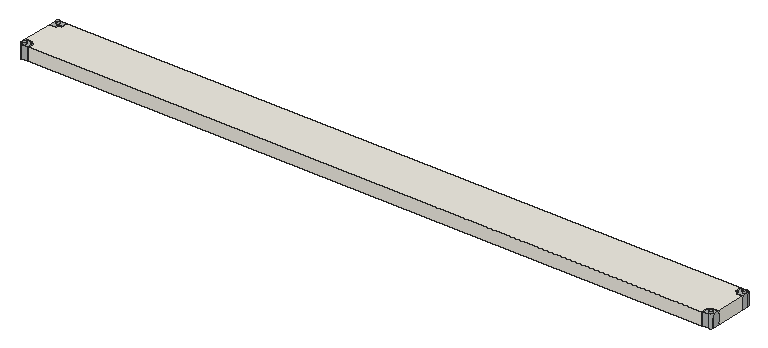
Revit family "HIGHTECH", category Осветительные приборы, Revit 2019 (continued)
Types (32, lengths in mm): name | Файл фотометрической сетки | built-in parameter 1150105 | Lumens | built-in parameter 1150106 | built-in parameter 1150142 | Wattage | Emit from Rectangle Width | Emit from Rectangle Length | Длина | Ширина | ADSK_Ток | ADSK_Полная мощность | ADSK_Обозначение | ADSK_Номинальная мощность | ADSK_Наименование | ADSK_Масса | ADSK_Код изделия
  Hightech-30/opal-sand 295х595 (IP40, 4000К, белый) c БАП на 1 час | "Светильник HIGHTECH-30 OPAL-SAND-(295x595).IES" | 198.94 (stored number, unit not read) | 2500 lm | 1.9894 (stored number, unit not read) | "IESNA:LM-63-95\r\n[TEST] Протокол №80\r\n[DATA]26.06.2016\r\n[MORE] \r\n[MANUFAC] ЗАО \"Центрстройсвет\"\r\n[LUMCAT]  Светильник HIGHTECH-30/OPAL-SAND-(295x595)\r\n[LUMINAIRE]\r\n[LAMPCAT] Светодиоды\r\n[LAMP] Поток источника света (светодиодов) не известен\r\n[MORE] КСС приведена в абсолютных величинах кд\r\n[MORE] Вместо потока лампы, указан поток светильника.\r\nTILT=NONE\r\n1    2420 1.0 37 73 1 2 0.295 0.595 0.04\r\n1.0 1.0 28.9\r\n0.0 5.0 10.0 15.0 20.0 25.0 30.0 35.0 40.0 45.0 50.0 55.0 60.0 65.0 70.0 75.0 80.0 85.0 90.0 95.0 100.0 105.0 110.0 115.0 120.0 125.0 130.0 135.0 140.0 145.0 150.0 155.0 160.0 165.0 170.0 175.0 180.0\r\n0.0 5.0 10.0 15.0 20.0 25.0 30.0 35.0 40.0 45.0 50.0 55.0 60.0 65.0 70.0 75.0 80.0 85.0 90.0 95.0 100.0 105.0 110.0 115.0 120.0 125.0 130.0 135.0 140.0 145.0 150.0 155.0 160.0 165.0 170.0 175.0 180.0 185.0 190.0 195.0 200.0 205.0 210.0 215.0 220.0 225.0 230.0 235.0 240.0 245.0 250.0 255.0 260.0 265.0 270.0 275.0 280.0 285.0 290.0 295.0 300.0 305.0 310.0 315.0 320.0 325.0 330.0 335.0 340.0 345.0 350.0 355.0 360.0\r\n911.1 908.3 889.4 861.2 824.6 779.8 729.1 674.3 613.8 546.0 479.1 412.2 342.1 274.7 206.6 142.5 83.1 30.5 0.2 0.0 0.0 0.0 0.0 0.0 0.0 0.0 0.0 0.0 0.0 0.0 0.0 0.0 0.0 0.0 0.0 0.0 0.0\r\n911.1 908.3 890.4 862.2 826.0 781.2 730.0 673.5 610.8 545.9 478.1 412.0 343.0 274.6 207.5 142.8 83.4 31.1 0.3 0.0 0.0 0.0 0.0 0.0 0.0 0.0 0.0 0.0 0.0 0.0 0.0 0.0 0.0 0.0 0.0 0.0 0.0\r\n911.1 908.5 890.5 862.8 826.3 781.1 729.7 670.6 612.5 548.7 480.3 412.7 344.4 275.2 207.5 143.5 83.8 31.5 0.3 0.0 0.0 0.0 0.0 0.0 0.0 0.0 0.0 0.0 0.0 0.0 0.0 0.0 0.0 0.0 0.0 0.0 0.0\r\n911.1 909.2 889.7 860.5 825.1 782.3 731.0 672.5 613.1 547.3 478.2 411.8 342.9 275.2 208.3 143.7 83.9 31.8 0.3 0.0 0.0 0.0 0.0 0.0 0.0 0.0 0.0 0.0 0.0 0.0 0.0 0.0 0.0 0.0 0.0 0.0 0.0\r\n911.1 909.0 891.0 861.5 825.6 782.4 732.7 675.9 611.0 545.2 481.9 413.1 344.4 276.1 208.3 144.0 84.6 32.0 0.3 0.0 0.0 0.0 0.0 0.0 0.0 0.0 0.0 0.0 0.0 0.0 0.0 0.0 0.0 0.0 0.0 0.0 0.0\r\n911.1 908.9 890.1 863.3 826.9 783.2 729.2 673.9 611.8 547.8 480.9 414.1 343.8 275.8 208.6 144.4 85.0 32.4 0.3 0.0 0.0 0.0 0.0 0.0 0.0 0.0 0.0 0.0 0.0 0.0 0.0 0.0 0.0 0.0 0.0 0.0 0.0\r\n911.1 908.9 890.0 862.2 828.3 782.8 731.1 675.1 614.3 547.6 481.3 413.0 345.8 276.7 208.8 145.0 85.3 32.6 0.4 0.0 0.0 0.0 0.0 0.0 0.0 0.0 0.0 0.0 0.0 0.0 0.0 0.0 0.0 0.0 0.0 0.0 0.0\r\n911.1 908.5 891.5 865.2 825.7 780.8 732.5 674.6 615.0 551.3 482.1 414.1 345.1 277.4 208.6 145.5 85.5 33.2 0.5 0.0 0.0 0.0 0.0 0.0 0.0 0.0 0.0 0.0 0.0 0.0 0.0 0.0 0.0 0.0 0.0 0.0 0.0\r\n911.1 908.2 891.4 865.6 827.3 781.0 734.3 676.9 614.9 549.4 482.0 413.8 346.2 277.0 209.5 145.9 86.0 33.8 0.4 0.0 0.0 0.0 0.0 0.0 0.0 0.0 0.0 0.0 0.0 0.0 0.0 0.0 0.0 0.0 0.0 0.0 0.0\r\n911.1 908.7 891.0 864.3 829.6 784.0 732.9 673.2 614.9 550.2 484.5 414.8 346.4 277.8 210.5 146.4 87.2 33.9 0.6 0.0 0.0 0.0 0.0 0.0 0.0 0.0 0.0 0.0 0.0 0.0 0.0 0.0 0.0 0.0 0.0 0.0 0.0\r\n911.1 909.3 890.7 863.4 828.2 782.7 733.6 675.6 617.1 551.3 485.9 416.5 347.0 279.5 211.3 147.1 87.6 34.5 0.8 0.0 0.0 0.0 0.0 0.0 0.0 0.0 0.0 0.0 0.0 0.0 0.0 0.0 0.0 0.0 0.0 0.0 0.0\r\n911.1 908.7 892.5 864.0 829.2 784.2 733.3 676.9 615.6 551.9 484.7 416.9 348.3 279.6 211.6 148.3 88.1 35.0 0.9 0.0 0.0 0.0 0.0 0.0 0.0 0.0 0.0 0.0 0.0 0.0 0.0 0.0 0.0 0.0 0.0 0.0 0.0\r\n911.1 907.6 892.1 865.2 827.4 784.6 731.8 676.8 617.7 552.8 485.1 418.8 350.7 281.3 212.5 148.4 89.0 35.7 1.0 0.0 0.0 0.0 0.0 0.0 0.0 0.0 0.0 0.0 0.0 0.0 0.0 0.0 0.0 0.0 0.0 0.0 0.0\r\n911.1 907.1 892.1 864.5 830.2 788.3 733.6 677.4 617.3 552.0 487.9 420.8 349.8 281.3 213.4 149.2 89.9 36.2 1.3 0.0 0.0 0.0 0.0 0.0 0.0 0.0 0.0 0.0 0.0 0.0 0.0 0.0 0.0 0.0 0.0 0.0 0.0\r\n911.1 907.7 891.9 865.7 828.5 785.6 735.2 678.9 620.0 555.8 488.8 421.1 351.5 282.7 215.2 149.7 90.8 36.9 1.5 0.0 0.0 0.0 0.0 0.0 0.0 0.0 0.0 0.0 0.0 0.0 0.0 0.0 0.0 0.0 0.0 0.0 0.0\r\n911.1 907.8 891.0 864.8 830.1 786.1 738.7 679.4 616.5 556.6 490.6 420.2 352.4 284.5 215.4 151.3 91.1 37.6 1.5 0.0 0.0 0.0 0.0 0.0 0.0 0.0 0.0 0.0 0.0 0.0 0.0 0.0 0.0 0.0 0.0 0.0 0.0\r\n911.1 907.6 892.2 865.5 829.8 785.3 740.8 681.1 621.3 555.2 488.2 422.8 352.5 285.0 216.2 151.5 92.2 38.3 1.9 0.0 0.0 0.0 0.0 0.0 0.0 0.0 0.0 0.0 0.0 0.0 0.0 0.0 0.0 0.0 0.0 0.0 0.0\r\n911.1 907.4 892.1 866.1 829.8 787.6 737.3 681.4 621.4 556.0 491.1 422.7 354.9 284.7 217.1 152.4 93.0 39.4 2.0 0.0 0.0 0.0 0.0 0.0 0.0 0.0 0.0 0.0 0.0 0.0 0.0 0.0 0.0 0.0 0.0 0.0 0.0\r\n911.1 907.1 892.7 864.9 831.7 788.2 738.4 680.3 623.5 555.8 491.4 423.2 354.0 286.0 218.2 152.8 93.7 40.1 1.9 0.0 0.0 0.0 0.0 0.0 0.0 0.0 0.0 0.0 0.0 0.0 0.0 0.0 0.0 0.0 0.0 0.0 0.0\r\n911.1 907.4 892.3 867.6 830.6 789.2 737.9 683.1 622.5 558.1 492.5 424.4 355.9 287.7 219.1 154.3 94.7 40.4 2.5 0.0 0.0 0.0 0.0 0.0 0.0 0.0 0.0 0.0 0.0 0.0 0.0 0.0 0.0 0.0 0.0 0.0 0.0\r\n911.1 907.5 892.4 866.9 832.1 790.0 736.6 683.9 623.3 559.4 493.1 425.9 357.0 288.4 220.1 155.2 95.3 41.1 2.6 0.0 0.0 0.0 0.0 0.0 0.0 0.0 0.0 0.0 0.0 0.0 0.0 0.0 0.0 0.0 0.0 0.0 0.0\r\n911.1 906.9 893.0 866.2 832.9 789.5 740.6 686.4 622.6 558.9 494.6 425.2 357.7 289.6 220.8 156.1 95.8 41.9 2.6 0.0 0.0 0.0 0.0 0.0 0.0 0.0 0.0 0.0 0.0 0.0 0.0 0.0 0.0 0.0 0.0 0.0 0.0\r\n911.1 906.5 892.0 867.1 832.6 789.9 741.4 686.3 627.3 561.0 497.2 429.6 357.8 290.1 222.7 156.4 96.7 42.4 3.1 0.0 0.0 0.0 0.0 0.0 0.0 0.0 0.0 0.0 0.0 0.0 0.0 0.0 0.0 0.0 0.0 0.0 0.0\r\n911.1 906.8 892.3 868.3 834.8 789.8 739.1 686.9 625.0 562.3 496.2 428.6 359.5 290.7 222.5 158.0 97.5 42.6 3.4 0.0 0.0 0.0 0.0 0.0 0.0 0.0 0.0 0.0 0.0 0.0 0.0 0.0 0.0 0.0 0.0 0.0 0.0\r\n911.1 907.7 893.1 868.2 834.1 793.7 743.1 687.9 626.4 562.8 495.5 430.8 360.5 292.6 223.4 158.6 97.7 43.5 3.3 0.0 0.0 0.0 0.0 0.0 0.0 0.0 0.0 0.0 0.0 0.0 0.0 0.0 0.0 0.0 0.0 0.0 0.0\r\n911.1 908.2 893.8 868.2 835.6 793.6 743.3 688.3 626.0 564.5 498.1 431.2 361.0 293.4 224.3 158.9 98.6 44.0 3.5 0.0 0.0 0.0 0.0 0.0 0.0 0.0 0.0 0.0 0.0 0.0 0.0 0.0 0.0 0.0 0.0 0.0 0.0\r\n911.1 906.7 894.2 868.9 835.7 792.8 743.7 688.3 628.3 564.5 497.7 430.5 361.2 293.3 224.8 160.4 99.3 44.4 3.7 0.0 0.0 0.0 0.0 0.0 0.0 0.0 0.0 0.0 0.0 0.0 0.0 0.0 0.0 0.0 0.0 0.0 0.0\r\n911.1 906.5 894.7 867.9 834.7 795.0 744.2 689.6 630.1 566.4 499.6 431.8 363.0 294.1 225.6 160.8 100.0 45.1 3.6 0.0 0.0 0.0 0.0 0.0 0.0 0.0 0.0 0.0 0.0 0.0 0.0 0.0 0.0 0.0 0.0 0.0 0.0\r\n911.1 906.5 895.1 869.9 835.9 794.8 744.6 690.7 627.4 566.4 500.2 432.4 364.0 294.7 227.0 161.2 100.6 45.6 3.8 0.0 0.0 0.0 0.0 0.0 0.0 0.0 0.0 0.0 0.0 0.0 0.0 0.0 0.0 0.0 0.0 0.0 0.0\r\n911.1 906.1 895.4 869.1 835.9 794.7 746.0 689.6 630.7 566.6 499.6 432.7 363.1 295.7 227.9 161.9 100.9 46.3 4.0 0.0 0.0 0.0 0.0 0.0 0.0 0.0 0.0 0.0 0.0 0.0 0.0 0.0 0.0 0.0 0.0 0.0 0.0\r\n911.1 906.1 894.6 870.7 836.3 795.3 746.6 689.6 632.6 567.7 500.1 432.1 364.4 296.0 227.8 162.7 101.4 46.4 4.5 0.0 0.0 0.0 0.0 0.0 0.0 0.0 0.0 0.0 0.0 0.0 0.0 0.0 0.0 0.0 0.0 0.0 0.0\r\n911.1 906.3 895.6 868.8 835.5 793.2 745.3 690.7 630.8 568.5 500.6 433.3 364.7 295.8 227.5 162.6 101.3 46.8 4.6 0.0 0.0 0.0 0.0 0.0 0.0 0.0 0.0 0.0 0.0 0.0 0.0 0.0 0.0 0.0 0.0 0.0 0.0\r\n911.1 907.0 895.4 871.8 837.5 794.5 744.5 690.6 631.8 568.8 502.5 436.2 365.6 296.2 228.3 163.9 101.9 47.1 4.6 0.0 0.0 0.0 0.0 0.0 0.0 0.0 0.0 0.0 0.0 0.0 0.0 0.0 0.0 0.0 0.0 0.0 0.0\r\n911.1 907.6 895.4 871.8 839.2 796.0 747.1 690.6 629.6 567.5 501.4 434.5 365.7 297.2 228.8 163.4 102.4 47.5 4.6 0.0 0.0 0.0 0.0 0.0 0.0 0.0 0.0 0.0 0.0 0.0 0.0 0.0 0.0 0.0 0.0 0.0 0.0\r\n911.1 906.1 895.5 871.6 838.7 794.9 748.2 694.5 632.4 570.3 502.5 434.5 365.5 297.1 229.4 164.0 102.4 47.5 4.7 0.0 0.0 0.0 0.0 0.0 0.0 0.0 0.0 0.0 0.0 0.0 0.0 0.0 0.0 0.0 0.0 0.0 0.0\r\n911.1 904.8 895.9 869.8 836.7 797.2 747.1 691.9 633.4 569.5 503.4 435.1 366.2 298.1 229.3 163.6 102.3 47.2 4.3 0.0 0.0 0.0 0.0 0.0 0.0 0.0 0.0 0.0 0.0 0.0 0.0 0.0 0.0 0.0 0.0 0.0 0.0\r\n911.1 905.3 894.0 871.2 840.2 796.2 748.3 691.8 631.5 572.4 503.6 433.5 366.8 297.9 229.2 163.3 101.8 46.8 3.8 0.0 0.0 0.0 0.0 0.0 0.0 0.0 0.0 0.0 0.0 0.0 0.0 0.0 0.0 0.0 0.0 0.0 0.0\r\n911.1 906.0 894.9 870.9 837.1 795.0 745.7 693.0 630.8 569.0 503.7 436.4 366.4 297.7 229.8 163.4 101.8 46.5 3.4 0.0 0.0 0.0 0.0 0.0 0.0 0.0 0.0 0.0 0.0 0.0 0.0 0.0 0.0 0.0 0.0 0.0 0.0\r\n911.1 905.6 893.6 871.4 839.9 797.6 749.1 691.5 633.0 570.8 502.5 434.8 366.1 296.6 228.5 162.8 101.0 46.0 2.9 0.0 0.0 0.0 0.0 0.0 0.0 0.0 0.0 0.0 0.0 0.0 0.0 0.0 0.0 0.0 0.0 0.0 0.0\r\n911.1 905.5 894.6 871.9 838.0 794.6 747.0 692.0 634.0 569.3 502.9 435.5 366.8 296.4 228.8 163.2 101.1 46.1 2.8 0.0 0.0 0.0 0.0 0.0 0.0 0.0 0.0 0.0 0.0 0.0 0.0 0.0 0.0 0.0 0.0 0.0 0.0\r\n911.1 906.2 893.1 871.0 837.2 796.8 749.0 694.0 633.1 569.5 503.5 436.7 366.4 297.6 228.4 162.6 101.3 45.7 2.8 0.0 0.0 0.0 0.0 0.0 0.0 0.0 0.0 0.0 0.0 0.0 0.0 0.0 0.0 0.0 0.0 0.0 0.0\r\n911.1 905.4 893.6 869.9 837.0 796.8 747.6 692.4 634.5 568.4 503.4 433.2 365.8 296.2 227.1 162.3 100.7 45.6 2.7 0.0 0.0 0.0 0.0 0.0 0.0 0.0 0.0 0.0 0.0 0.0 0.0 0.0 0.0 0.0 0.0 0.0 0.0\r\n911.1 905.2 893.1 870.9 837.6 799.4 749.7 694.6 632.4 569.7 501.2 433.7 366.5 296.3 227.6 162.0 100.7 45.2 2.6 0.0 0.0 0.0 0.0 0.0 0.0 0.0 0.0 0.0 0.0 0.0 0.0 0.0 0.0 0.0 0.0 0.0 0.0\r\n911.1 905.6 892.8 867.9 836.3 795.3 747.6 693.8 632.3 568.8 503.5 433.9 364.4 295.4 227.4 162.1 100.2 45.0 2.6 0.0 0.0 0.0 0.0 0.0 0.0 0.0 0.0 0.0 0.0 0.0 0.0 0.0 0.0 0.0 0.0 0.0 0.0\r\n911.1 906.0 891.2 869.4 838.7 796.6 744.5 691.3 630.5 568.4 500.5 432.6 364.8 294.7 226.6 161.5 99.4 44.6 2.4 0.0 0.0 0.0 0.0 0.0 0.0 0.0 0.0 0.0 0.0 0.0 0.0 0.0 0.0 0.0 0.0 0.0 0.0\r\n911.1 906.3 892.3 868.8 836.4 794.7 746.4 690.6 628.4 567.4 501.0 433.5 364.4 294.7 226.3 161.5 99.1 44.1 2.3 0.0 0.0 0.0 0.0 0.0 0.0 0.0 0.0 0.0 0.0 0.0 0.0 0.0 0.0 0.0 0.0 0.0 0.0\r\n911.1 906.1 891.2 870.3 836.5 796.5 746.5 691.1 630.2 565.4 501.0 432.5 361.6 293.6 224.8 160.3 98.9 43.7 2.2 0.0 0.0 0.0 0.0 0.0 0.0 0.0 0.0 0.0 0.0 0.0 0.0 0.0 0.0 0.0 0.0 0.0 0.0\r\n911.1 906.7 892.3 869.5 834.4 794.2 744.3 688.5 631.3 567.2 500.0 431.6 362.1 292.6 224.4 159.4 98.3 43.1 2.1 0.0 0.0 0.0 0.0 0.0 0.0 0.0 0.0 0.0 0.0 0.0 0.0 0.0 0.0 0.0 0.0 0.0 0.0\r\n911.1 906.3 891.7 869.3 838.3 794.6 745.1 687.7 632.2 566.3 497.6 429.3 361.9 293.2 223.9 158.7 97.6 42.4 1.9 0.0 0.0 0.0 0.0 0.0 0.0 0.0 0.0 0.0 0.0 0.0 0.0 0.0 0.0 0.0 0.0 0.0 0.0\r\n911.1 906.6 891.2 870.7 835.8 791.7 742.2 688.7 628.2 564.3 497.8 429.8 361.0 291.5 223.5 157.7 97.3 42.0 1.8 0.0 0.0 0.0 0.0 0.0 0.0 0.0 0.0 0.0 0.0 0.0 0.0 0.0 0.0 0.0 0.0 0.0 0.0\r\n911.1 906.1 891.3 868.6 834.6 791.7 744.4 685.8 625.4 562.6 496.6 428.8 360.1 290.5 222.4 157.1 96.1 41.3 1.7 0.0 0.0 0.0 0.0 0.0 0.0 0.0 0.0 0.0 0.0 0.0 0.0 0.0 0.0 0.0 0.0 0.0 0.0\r\n911.1 905.2 892.6 868.1 835.0 791.5 742.2 686.7 625.4 563.1 497.3 427.9 358.4 290.7 221.2 155.8 95.6 40.8 1.5 0.0 0.0 0.0 0.0 0.0 0.0 0.0 0.0 0.0 0.0 0.0 0.0 0.0 0.0 0.0 0.0 0.0 0.0\r\n911.1 905.3 892.8 868.0 833.0 791.3 744.3 685.1 623.6 560.5 492.9 426.5 357.2 288.9 220.3 154.7 94.8 40.1 1.3 0.0 0.0 0.0 0.0 0.0 0.0 0.0 0.0 0.0 0.0 0.0 0.0 0.0 0.0 0.0 0.0 0.0 0.0\r\n911.1 906.6 890.8 868.3 833.0 790.4 741.1 685.4 624.1 560.7 492.9 424.1 356.4 288.9 219.7 154.0 93.5 39.4 1.2 0.0 0.0 0.0 0.0 0.0 0.0 0.0 0.0 0.0 0.0 0.0 0.0 0.0 0.0 0.0 0.0 0.0 0.0\r\n911.1 907.4 891.8 866.4 833.1 790.2 739.5 683.6 621.7 561.4 494.4 424.6 356.0 287.1 219.0 153.3 92.5 38.6 1.1 0.0 0.0 0.0 0.0 0.0 0.0 0.0 0.0 0.0 0.0 0.0 0.0 0.0 0.0 0.0 0.0 0.0 0.0\r\n911.1 907.0 891.7 867.9 832.2 788.0 736.3 683.3 623.7 556.4 492.1 424.3 353.3 286.6 217.1 152.4 91.9 37.8 0.8 0.0 0.0 0.0 0.0 0.0 0.0 0.0 0.0 0.0 0.0 0.0 0.0 0.0 0.0 0.0 0.0 0.0 0.0\r\n911.1 906.8 892.1 865.5 829.5 787.9 737.3 680.4 618.9 555.6 491.7 423.2 353.3 284.2 216.2 151.5 91.3 37.0 0.7 0.0 0.0 0.0 0.0 0.0 0.0 0.0 0.0 0.0 0.0 0.0 0.0 0.0 0.0 0.0 0.0 0.0 0.0\r\n911.1 906.0 890.4 864.7 830.5 788.2 737.8 682.0 618.5 554.8 489.2 421.0 352.5 282.8 214.0 149.9 90.1 36.6 0.6 0.0 0.0 0.0 0.0 0.0 0.0 0.0 0.0 0.0 0.0 0.0 0.0 0.0 0.0 0.0 0.0 0.0 0.0\r\n911.1 905.1 891.5 865.2 828.0 784.8 738.1 677.5 619.3 553.0 488.5 419.0 350.1 282.1 214.0 149.5 89.3 35.6 0.4 0.0 0.0 0.0 0.0 0.0 0.0 0.0 0.0 0.0 0.0 0.0 0.0 0.0 0.0 0.0 0.0 0.0 0.0\r\n911.1 906.0 891.6 863.4 826.4 784.8 735.2 679.4 616.1 553.3 487.5 418.1 349.5 281.2 213.4 148.4 88.5 34.8 0.3 0.0 0.0 0.0 0.0 0.0 0.0 0.0 0.0 0.0 0.0 0.0 0.0 0.0 0.0 0.0 0.0 0.0 0.0\r\n911.1 906.8 890.4 864.5 828.0 784.0 735.1 678.8 616.8 551.9 484.6 417.7 349.7 279.3 211.1 147.6 87.7 34.2 0.3 0.0 0.0 0.0 0.0 0.0 0.0 0.0 0.0 0.0 0.0 0.0 0.0 0.0 0.0 0.0 0.0 0.0 0.0\r\n911.1 907.5 888.8 862.0 826.9 780.2 732.3 675.0 614.9 551.2 485.3 416.4 346.6 278.8 211.6 146.2 86.7 33.6 0.2 0.0 0.0 0.0 0.0 0.0 0.0 0.0 0.0 0.0 0.0 0.0 0.0 0.0 0.0 0.0 0.0 0.0 0.0\r\n911.1 907.5 889.7 863.2 826.6 785.1 732.2 672.0 614.2 551.3 484.5 416.7 346.2 277.6 210.1 145.9 85.8 32.8 0.2 0.0 0.0 0.0 0.0 0.0 0.0 0.0 0.0 0.0 0.0 0.0 0.0 0.0 0.0 0.0 0.0 0.0 0.0\r\n911.1 907.3 890.1 863.9 825.1 780.0 730.7 678.4 612.1 549.9 481.9 414.5 344.9 276.9 209.3 145.1 85.2 32.3 0.1 0.0 0.0 0.0 0.0 0.0 0.0 0.0 0.0 0.0 0.0 0.0 0.0 0.0 0.0 0.0 0.0 0.0 0.0\r\n911.1 908.5 889.1 862.4 825.5 781.7 731.2 672.6 612.0 547.6 482.4 413.8 345.8 275.4 208.5 144.0 84.8 31.6 0.1 0.0 0.0 0.0 0.0 0.0 0.0 0.0 0.0 0.0 0.0 0.0 0.0 0.0 0.0 0.0 0.0 0.0 0.0\r\n911.1 908.0 889.3 861.7 824.9 780.9 731.0 672.8 611.9 545.5 481.0 411.8 343.3 274.8 207.7 143.4 84.0 31.2 0.1 0.0 0.0 0.0 0.0 0.0 0.0 0.0 0.0 0.0 0.0 0.0 0.0 0.0 0.0 0.0 0.0 0.0 0.0\r\n911.1 906.5 887.9 861.2 824.2 781.5 729.8 672.2 609.7 547.2 479.7 411.1 343.5 274.5 206.8 143.2 83.6 30.7 0.1 0.0 0.0 0.0 0.0 0.0 0.0 0.0 0.0 0.0 0.0 0.0 0.0 0.0 0.0 0.0 0.0 0.0 0.0\r\n911.1 906.8 888.0 859.9 826.4 781.3 727.9 671.1 610.9 546.9 478.6 411.5 342.5 274.4 207.1 142.8 83.0 30.3 0.1 0.0 0.0 0.0 0.0 0.0 0.0 0.0 0.0 0.0 0.0 0.0 0.0 0.0 0.0 0.0 0.0 0.0 0.0\r\n911.1 907.2 889.6 859.4 824.1 778.8 730.0 672.0 610.3 544.9 478.2 410.6 341.6 274.5 206.3 141.9 82.8 30.0 0.1 0.0 0.0 0.0 0.0 0.0 0.0 0.0 0.0 0.0 0.0 0.0 0.0 0.0 0.0 0.0 0.0 0.0 0.0\r\n911.1 908.0 888.9 861.7 823.7 778.6 726.6 673.0 609.3 546.3 478.0 409.7 341.7 273.2 206.1 141.7 82.2 29.9 0.0 0.0 0.0 0.0 0.0 0.0 0.0 0.0 0.0 0.0 0.0 0.0 0.0 0.0 0.0 0.0 0.0 0.0 0.0\r\n911.1 908.5 889.0 862.2 823.5 778.2 729.5 669.6 608.8 545.8 478.2 411.0 340.7 272.7 206.2 142.0 82.2 29.8 0.1 0.0 0.0 0.0 0.0 0.0 0.0 0.0 0.0 0.0 0.0 0.0 0.0 0.0 0.0 0.0 0.0 0.0 0.0\r\n911.1 908.3 889.7 863.3 826.0 781.1 728.4 671.9 608.5 545.7 478.5 410.8 342.7 273.4 205.7 141.8 82.4 30.1 0.2 0.0 0.0 0.0 0.0 0.0 0.0 0.0 0.0 0.0 0.0 0.0 0.0 0.0 0.0 0.0 0.0 0.0 0.0\r\n911.1 908.3 889.4 861.2 824.6 779.8 729.1 674.3 613.8 546.0 479.1 412.2 342.1 274.7 206.6 142.5 83.1 30.5 0.2 0.0 0.0 0.0 0.0 0.0 0.0 0.0 0.0 0.0 0.0 0.0 0.0 0.0 0.0 0.0 0.0 0.0 0.0\r\n" | 16.8303 W | 255 | 555 | 595 | 295 | 0.141777 A | 32.6087 VA | "Hightech-30/opal-sand 295х595 (IP40, 4000К, белый)" | 30 W | "Универсальный светодиодный светильник Hightech-30/opal-sand 295х595 (IP40, 4000К, белый) c БАП на 1 час." | 1.4 | "ЦБ000007573"
